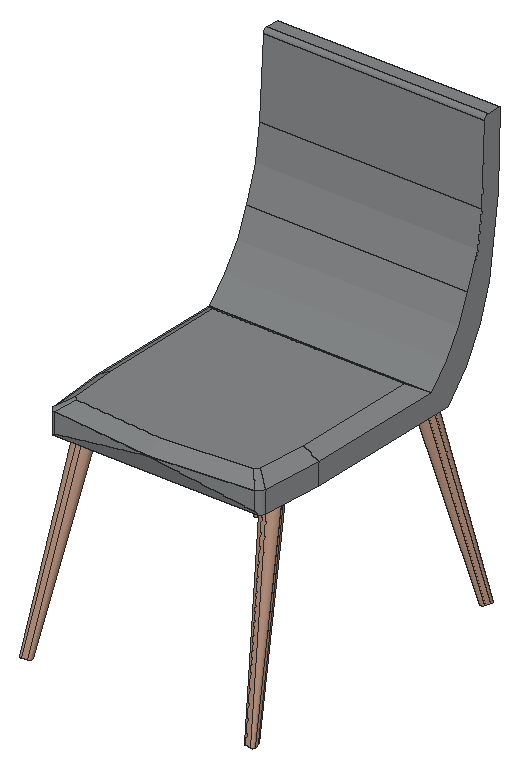
Revit family "Furniture_Chair_BERET 301.02", category Furniture, Revit 2019
Family settings
  OmniClass Number = 23.21.23.15.17
  Work Plane-Based = Yes
  Always vertical = No
  Cut with Voids When Loaded = No
  Shared = No
  Room Calculation Point = No
Parameters (values of type "BERET 301.02")
  Youtube clip = ""
  Uniformat II Description = "Movable Furnishings"
  Uniformat II Code = ""
  Uniclass 2015 Name = ""
  Uniclass 2015 Code = ""
  Uniclass 2.0 Description = ""
  Uniclass 2.0 Code = ""
  Uniclass 1.4 Description = ""
  Uniclass 1.4 Code = ""
  UNSPSC Code = ""
  Technical description = ""
  Shell Material = Leather - Positive AK019
  Frame Material = Teak - Black Walnut
  Region South America = "All"
  Region Oceania = "All"
  Region North America = "All"
  Region Middle East = "All"
  Region Europe = "All"
  Region Asia = "All"
  Region Antarctica = "All"
  Region Africa = "All"
  QR code = "https://www.sandlerseating.com/product/beret-301-02/"
  Product url = "https://www.sandlerseating.com/product/beret-301-02/"
  Product name = "BERET 301.02"
  Product group = "Chair"
  Product family = "Furniture"
  Product data url = "https://www.sandlerseating.com/product/beret-301-02/"
  Product certification = ""
  Product SKU = "??"
  Product Guid = "??"
  OmniClass Description = ""
  OmniClass Code = "23-21 23 15 17"
  NBS Reference Description = ""
  NBS Reference Code = ""
  Model = "BERET 301.02"
  Masterformat 2014 Description = "Chair Mats"
  Masterformat 2014 Code = "12 48 43.13"
  Manufacturer name = "Sandler"
  Manufacturer country = "USA"
  Manufacturer = "Sandler"
  Installation instructions = ""
  IFC Classification = "Furnishing Element"
  GTIN code = ""
  Edition number = 1
  Design country = "Brasil"
  Description = "Chair"
  Default Elevation = 0.000 mm
  Date of publishing = ""
  COBIe Type Category = ""
  Brand url = "https://www.sandlerseating.com/"
  BIMobject main category code = "furniture"
  BIMobject main category = "Furniture"
  BIMobject category code = "furniture-chair"
  BIMobject category = "Chair"
Reference planes
  plane 1 "Center Front/Back": y = 0
  plane 2: z = 0
  plane 3 "Center Left/Right": x = 0
Dimensions and locks
  aligned and locked: level to plane 2
Nested families
  nested 1: "TP01 - BERET" at (0, 80, 0), Seat Material <- "Shell Material", type "TP01 - BERET"
    with Seat Material Leather - Positive AK019
  nested 2: "BS01 - BERET" at (0, 0, 0), Frame Material <- "Frame Material", type "BS01 - BERET"
    with Frame Material Teak - Black Walnut
Definition of nested family "TP01 - BERET"
  Parameters (values of type "TP01 - BERET")
    Seat Material [instance] = none
    Frame Material = none
  Reference planes
    plane 1 "Center (Front/Back)": y = 0
    plane 2: z = 0
    plane 3 "Center (Left/Right)": x = 0
  Forms (mm)
    Extrusion 1, solid, material <- "Seat Material"
      sketch origin (0, 0, 0) x (0, 1, 0) y (0, 0, 1)
        loop
          line (270.483, 880) -> (242.65, 880)
          arc (242.65, 880) -> (236.487, 877.501) -> (233.805, 871.417) r 8.848
          arc (233.805, 871.417) -> (230.421, 793.188) -> (224.96, 715.076) r 2946.904
          arc (224.96, 715.076) -> (214.464, 645.55) -> (191.091, 579.235) r 372.569
          arc (191.091, 579.235) -> (153.624, 502.215) -> (98.503, 436.661) r 348.478
          line (98.503, 436.661) -> (-339.369, 436.661) -> (-320.043, 393.253) -> (139.198, 393.253)
          arc (139.198, 393.253) -> (205.336, 475.782) -> (243.74, 574.324) r 349.273
          arc (243.74, 574.324) -> (267.241, 726.276) -> (270.483, 880) r 1162.507
      from -224.272 to 224.793
    Extrusion 2, void
      sketch origin (0, 0, 238.7) x (-1, 0, 0) y (0, -1, 0)
        loop
          line (224.272, 187.839) -> (244.272, 187.839) -> (244.272, 362.839) -> (-249.793, 362.839) -> (-249.793, 187.839) -> (-224.793, 187.839)
          arc (-224.793, 187.839) -> (-221.061, 248.428) -> (-215.398, 308.867) r 1903.05
          arc (-215.398, 308.867) -> (-211.415, 317.506) -> (-203.037, 322.011) r 15
          arc (-203.037, 322.011) -> (-0.26, 339.369) -> (202.517, 322.011) r 1193.101
          arc (202.517, 322.011) -> (210.895, 317.506) -> (214.878, 308.867) r 15
          arc (214.878, 308.867) -> (220.54, 248.428) -> (224.272, 187.839) r 1903.05
      from 0 to 250
    Blend 3, solid, material <- "Seat Material"
      base sketch origin (0, 0, 238.7) x (-1, 0, 0) y (0, -1, 0)
        loop
          line (224.272, -98.503) -> (224.272, 187.839)
          arc (224.272, 187.839) -> (220.54, 248.428) -> (214.878, 308.867) r 1903.05
          arc (214.878, 308.867) -> (210.895, 317.506) -> (202.517, 322.011) r 15
          arc (202.517, 322.011) -> (-0.26, 339.369) -> (-203.037, 322.011) r 1193.101
          arc (-203.037, 322.011) -> (-211.415, 317.506) -> (-215.398, 308.867) r 15
          arc (-215.398, 308.867) -> (-221.061, 248.428) -> (-224.793, 187.839) r 1903.05
          line (-224.793, 187.839) -> (-224.793, -98.503) -> (224.272, -98.503)
      top sketch origin (0, 0, 238.7) x (-1, 0, 0) y (0, -1, 0)
        loop
          line (-194.793, 187.152) -> (-194.793, -68.503) -> (194.272, -68.503) -> (194.272, 187.152)
          arc (194.272, 187.152) -> (191.319, 236.944) -> (187.041, 286.64) r 1873.05
          arc (187.041, 286.64) -> (184.353, 292.523) -> (178.628, 295.53) r 10
          arc (178.628, 295.53) -> (-0.26, 309.369) -> (-179.148, 295.53) r 1163.101
          arc (-179.148, 295.53) -> (-184.874, 292.523) -> (-187.561, 286.64) r 10
          arc (-187.561, 286.64) -> (-191.84, 236.944) -> (-194.793, 187.152) r 1873.05
      from 197.96 to 217.086
  Cuts and joins
    Extrusion 2 cuts Extrusion 1
  Dimensions and locks
    aligned and locked: level to plane 2
Definition of nested family "BS01 - BERET"
  Parameters (values of type "BS01 - BERET")
    Frame Material [instance] = none
  Reference planes
    plane 1 "Center (Front/Back)": y = 0
    plane 2: z = 0
    plane 3 "Center (Left/Right)": x = 0
  Forms (mm)
    Blend 1, solid, material <- "Frame Material"
      base sketch origin (0, 0, 238.7) x (-1, 0, 0) y (0, -1, 0)
        loop
          arc (186.221, -220.305) -> (200.231, -215.274) -> (203.008, -200.649) r 15
          line (203.008, -200.649) -> (198.748, -188.276)
          arc (198.748, -188.276) -> (188.299, -179.431) -> (175.54, -184.392) r 13.387
          line (175.54, -184.392) -> (167.543, -194.629)
          arc (167.543, -194.629) -> (165.359, -209.24) -> (176.758, -218.636) r 15
          line (176.758, -218.636) -> (186.221, -220.305)
      top sketch origin (0, 0, 238.7) x (-1, 0, 0) y (0, -1, 0)
        loop
          arc (231.986, -320.2) -> (236.3, -318.694) -> (237.27, -314.227) r 4.677
          line (237.27, -314.227) -> (233.561, -302.097)
          arc (233.561, -302.097) -> (229.836, -298.772) -> (225.166, -300.541) r 4.813
          line (225.166, -300.541) -> (217.615, -310.206)
          arc (217.615, -310.206) -> (216.887, -315.076) -> (220.687, -318.208) r 5
          line (220.687, -318.208) -> (231.986, -320.2)
      from 174.61 to -238.7
    Blend 2, solid, material <- "Frame Material"
      base sketch origin (0, 31.25, 238.7) x (-1, 0, 0) y (0, -1, 0)
        loop
          line (186.221, 220.305) -> (176.758, 218.636)
          arc (176.758, 218.636) -> (165.359, 209.24) -> (167.543, 194.629) r 15
          line (167.543, 194.629) -> (175.54, 184.392)
          arc (175.54, 184.392) -> (188.299, 179.431) -> (198.748, 188.276) r 13.387
          line (198.748, 188.276) -> (203.008, 200.649)
          arc (203.008, 200.649) -> (200.231, 215.274) -> (186.221, 220.305) r 15
      top sketch origin (0, 31.25, 238.7) x (-1, 0, 0) y (0, -1, 0)
        loop
          line (231.986, 320.2) -> (220.687, 318.208)
          arc (220.687, 318.208) -> (216.887, 315.076) -> (217.615, 310.206) r 5
          line (217.615, 310.206) -> (225.166, 300.541)
          arc (225.166, 300.541) -> (229.836, 298.772) -> (233.561, 302.097) r 4.813
          line (233.561, 302.097) -> (237.27, 314.227)
          arc (237.27, 314.227) -> (236.3, 318.694) -> (231.986, 320.2) r 4.677
      from 174.61 to -238.7
    Blend 3, solid, material <- "Frame Material"
      base sketch origin (0, 0, 238.7) x (1, 0, 0) y (0, 1, 0)
        loop
          line (186.221, 220.305) -> (176.758, 218.636)
          arc (176.758, 218.636) -> (165.359, 209.24) -> (167.543, 194.629) r 15
          line (167.543, 194.629) -> (175.54, 184.392)
          arc (175.54, 184.392) -> (188.299, 179.431) -> (198.748, 188.276) r 13.387
          line (198.748, 188.276) -> (203.008, 200.649)
          arc (203.008, 200.649) -> (200.231, 215.274) -> (186.221, 220.305) r 15
      top sketch origin (0, 0, 238.7) x (1, 0, 0) y (0, 1, 0)
        loop
          line (231.986, 320.2) -> (220.687, 318.208)
          arc (220.687, 318.208) -> (216.887, 315.076) -> (217.615, 310.206) r 5
          line (217.615, 310.206) -> (225.166, 300.541)
          arc (225.166, 300.541) -> (229.836, 298.772) -> (233.561, 302.097) r 4.813
          line (233.561, 302.097) -> (237.27, 314.227)
          arc (237.27, 314.227) -> (236.3, 318.694) -> (231.986, 320.2) r 4.677
      from 174.61 to -238.7
    Blend 4, solid, material <- "Frame Material"
      base sketch origin (0, 31.25, 238.7) x (1, 0, 0) y (0, 1, 0)
        loop
          arc (186.221, -220.305) -> (200.231, -215.274) -> (203.008, -200.649) r 15
          line (203.008, -200.649) -> (198.748, -188.276)
          arc (198.748, -188.276) -> (188.299, -179.431) -> (175.54, -184.392) r 13.387
          line (175.54, -184.392) -> (167.543, -194.629)
          arc (167.543, -194.629) -> (165.359, -209.24) -> (176.758, -218.636) r 15
          line (176.758, -218.636) -> (186.221, -220.305)
      top sketch origin (0, 31.25, 238.7) x (1, 0, 0) y (0, 1, 0)
        loop
          arc (231.986, -320.2) -> (236.3, -318.694) -> (237.27, -314.227) r 4.677
          line (237.27, -314.227) -> (233.561, -302.097)
          arc (233.561, -302.097) -> (229.836, -298.772) -> (225.166, -300.541) r 4.813
          line (225.166, -300.541) -> (217.615, -310.206)
          arc (217.615, -310.206) -> (216.887, -315.076) -> (220.687, -318.208) r 5
          line (220.687, -318.208) -> (231.986, -320.2)
      from 174.61 to -238.7
  Dimensions and locks
    aligned and locked: level to plane 2
